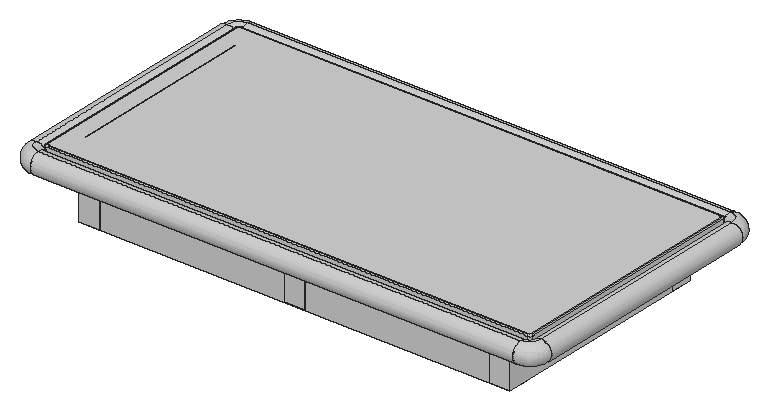
Revit family "MP", category Specialty Equipment, Revit 2012
Parameters (values of type "Metal Platform (Default)")
  Width = 2' - 0"
  URL = "http://madixinc.com/display/freestanding.html"
  Model = "Metal Platform"
  Manufacturer = "© 2012 Madix, Inc. All rights reserved."
  Length = 4' - 0"
  Kickplates [instance] = yes
  Bumper [instance] = yes
  Assembly Code = ""
Reference planes (in)
  plane 1 "Center (Front/Back)": y = 0
  plane 2: z = 0
  plane 3 "Center (Left/Right)": x = 0
  plane 4: y = -12
  plane 5: y = 12
  plane 6: x = -24
  plane 7: x = 24
  plane 8 "Top of Stand": z = 4
  plane 9 "Top of Shelf": z = 6.25
  plane 10: x = -21.232
  plane 11: x = 21.232
  plane 12: x = -23.88
  plane 13: x = 23.88
  plane 14: y = 11.88
  plane 15: y = -11.88
  plane 16: y = 11.029
  plane 17: y = -11.029
  plane 18: x = 1
  plane 19: x = -1
  plane 20: y = 1
  plane 21: y = -1
  plane 22: x = -10.116
  plane 23: x = -10.116
  plane 24: x = 10.116
  plane 25: y = 1
  plane 26: y = -1
  plane 27: x = 19.232
  plane 28: x = 21.232
  plane 29: y = 1
  plane 30: y = -1
  plane 31: y = 1
  plane 32: y = -1
Forms (in)
  Extrusion 1, solid, material "Metal - Steel"
    sketch origin (0, 0, 0) x (1, 0, 0) y (0, 1, 0)
      loop
        arc (-23.76, 11.88) -> (-23.84485, 11.84485) -> (-23.88, 11.76) r 0.12
        line (-23.88, 11.76) -> (-23.88, -11.76)
        arc (-23.88, -11.76) -> (-23.84485, -11.84485) -> (-23.76, -11.88) r 0.12
        line (-23.76, -11.88) -> (23.76, -11.88)
        arc (23.76, -11.88) -> (23.84485, -11.84485) -> (23.88, -11.76) r 0.12
        line (23.88, -11.76) -> (23.88, 11.76)
        arc (23.88, 11.76) -> (23.84485, 11.84485) -> (23.76, 11.88) r 0.12
        line (23.76, 11.88) -> (-23.76, 11.88)
    from 4 to 6.25
  Sweep 2, solid, material "Metal - Steel", visible <- "Kickplates"
    path in 3D
      loop
        arc (23.76, -11.88, 6.25) -> (23.84485, -11.84485, 6.25) -> (23.88, -11.76, 6.25) r 0.12
        line (23.88, -11.76, 6.25) -> (23.88, 11.76, 6.25)
        arc (23.88, 11.76, 6.25) -> (23.84485, 11.84485, 6.25) -> (23.76, 11.88, 6.25) r 0.12
        line (23.76, 11.88, 6.25) -> (-23.76, 11.88, 6.25)
        arc (-23.76, 11.88, 6.25) -> (-23.84485, 11.84485, 6.25) -> (-23.88, 11.76, 6.25) r 0.12
        line (-23.88, 11.76, 6.25) -> (-23.88, -11.76, 6.25)
        arc (-23.88, -11.76, 6.25) -> (-23.84485, -11.84485, 6.25) -> (-23.76, -11.88, 6.25) r 0.12
        line (-23.76, -11.88, 6.25) -> (23.76, -11.88, 6.25)
    profile origin (0, -11.88, 6.25) x (0, 1, 0) y (0, 0, 1)
      loop
        arc (-0.12, -2.13) -> (-0.08485, -2.21485) -> (0, -2.25) r 0.12
        line (0, -2.25) -> (0, 0)
        arc (0, 0) -> (-0.08485, -0.03515) -> (-0.12, -0.12) r 0.12
        line (-0.12, -0.12) -> (-0.12, -2.13)
  Extrusion 3, solid, material "Metal - Steel"
    sketch origin (0, 0, 0) x (1, 0, 0) y (0, 1, 0)
      loop
        line (-21.232, 11.029) -> (-21.232, 9.029) -> (-19.232, 9.029) -> (-19.232, 11.029) -> (-21.232, 11.029)
      loop
        line (-21.232, 1) -> (-21.232, -1) -> (-19.232, -1) -> (-19.232, 1) -> (-21.232, 1)
      loop
        line (-21.232, -11.029) -> (-19.232, -11.029) -> (-19.232, -9.029) -> (-21.232, -9.029) -> (-21.232, -11.029)
      loop
        line (1, 11.029) -> (-1, 11.029) -> (-1, 9.029) -> (1, 9.029) -> (1, 11.029)
      loop
        line (1, 1) -> (-1, 1) -> (-1, -1) -> (1, -1) -> (1, 1)
      loop
        line (1, -11.029) -> (1, -9.029) -> (-1, -9.029) -> (-1, -11.029) -> (1, -11.029)
      loop
        line (19.232, 11.029) -> (19.232, 9.029) -> (21.232, 9.029) -> (21.232, 11.029) -> (19.232, 11.029)
      loop
        line (19.232, 1) -> (19.232, -1) -> (21.232, -1) -> (21.232, 1) -> (19.232, 1)
      loop
        line (19.232, -11.029) -> (21.232, -11.029) -> (21.232, -9.029) -> (19.232, -9.029) -> (19.232, -11.029)
    from 0 to 4
  Sweep 4, solid, material "Metal - Steel", visible <- "Bumper"
    path in 3D
      loop
        arc (23.88, 11.76, 6.25) -> (23.84485, 11.84485, 6.25) -> (23.76, 11.88, 6.25) r 0.12
        line (23.76, 11.88, 6.25) -> (-23.76, 11.88, 6.25)
        arc (-23.76, 11.88, 6.25) -> (-23.84485, 11.84485, 6.25) -> (-23.88, 11.76, 6.25) r 0.12
        line (-23.88, 11.76, 6.25) -> (-23.88, -11.76, 6.25)
        arc (-23.88, -11.76, 6.25) -> (-23.84485, -11.84485, 6.25) -> (-23.76, -11.88, 6.25) r 0.12
        line (-23.76, -11.88, 6.25) -> (23.76, -11.88, 6.25)
        arc (23.76, -11.88, 6.25) -> (23.84485, -11.84485, 6.25) -> (23.88, -11.76, 6.25) r 0.12
        line (23.88, -11.76, 6.25) -> (23.88, 11.76, 6.25)
    profile origin (23.88, 0, 6.25) x (0, 0, -1) y (-1, 0, 0)
      loop
        circle (1.125, -1) r 1
  Extrusion 5, solid, material "Metal - Steel", visible <- "Kickplates"
    sketch origin (0, 0, 0) x (1, 0, 0) y (0, 1, 0)
      loop
        line (-21.232, 11.029) -> (-21.232, -11.029) -> (21.232, -11.029) -> (21.232, 11.029) -> (-21.232, 11.029)
    from 0 to 4
Cuts and joins
  joined: Sweep 2, Extrusion 5
Lines and regions (in)
  sketch lines
    curve 1: line (-23.76, -11.88, 6.25) -> (23.76, -11.88, 6.25)
    curve 2: arc (-23.76, -11.88, 6.25) -> (-23.84485, -11.84485, 6.25) -> (-23.88, -11.76, 6.25) r 0.12
    curve 3: arc (-23.88, 11.76, 6.25) -> (-23.84485, 11.84485, 6.25) -> (-23.76, 11.88, 6.25) r 0.12
    curve 4: line (23.76, 11.88, 6.25) -> (-23.76, 11.88, 6.25)
    curve 5: line (-23.88, 11.76, 6.25) -> (-23.88, -11.76, 6.25)
    curve 6: arc (23.76, 11.88, 6.25) -> (23.84485, 11.84485, 6.25) -> (23.88, 11.76, 6.25) r 0.12
    curve 7: line (23.88, -11.76, 6.25) -> (23.88, 11.76, 6.25)
    curve 8: arc (23.88, -11.76, 6.25) -> (23.84485, -11.84485, 6.25) -> (23.76, -11.88, 6.25) r 0.12
    curve 9: line (23.88, -11.76, 6.25) -> (23.88, 11.76, 6.25)
    curve 10: line (23.76, 11.88, 6.25) -> (-23.76, 11.88, 6.25)
    curve 11: arc (23.76, 11.88, 6.25) -> (23.84485, 11.84485, 6.25) -> (23.88, 11.76, 6.25) r 0.12
    curve 12: arc (23.76, -11.88, 6.25) -> (23.84485, -11.84485, 6.25) -> (23.88, -11.76, 6.25) r 0.12
    curve 13: line (-23.76, -11.88, 6.25) -> (23.76, -11.88, 6.25)
    curve 14: arc (-23.88, -11.76, 6.25) -> (-23.84485, -11.84485, 6.25) -> (-23.76, -11.88, 6.25) r 0.12
    curve 15: line (-23.88, 11.76, 6.25) -> (-23.88, -11.76, 6.25)
    curve 16: arc (-23.76, 11.88, 6.25) -> (-23.84485, 11.84485, 6.25) -> (-23.88, 11.76, 6.25) r 0.12
Dimensions and locks (in)
  equal spacing: plane 4, plane 1 "Center (Front/Back)", plane 5
  "Width": plane 4 to plane 5
  equal spacing: plane 6, plane 3 "Center (Left/Right)", plane 7
  "Length": plane 6 to plane 7
  locked: plane 11 to plane 10 at 42.464
  plane 7 to plane 6 = 4' - 0"
  plane 8 "Top of Stand" to level = 0' - 4"  (x2)
  plane 9 "Top of Shelf" to plane 8 "Top of Stand" = 0' - 2 1/4"  (x2)
  plane 4 to plane 5 = 2' - 0"
  plane 9 "Top of Shelf" to level = 0' - 6 1/4"  (x2)
  plane 10 to plane 11 = 3' - 6.464"
  locked: plane 16 to plane 5 at 0.971
  plane 17 to plane 4 = 0' - 0.971"
  aligned and locked: level to plane 2
  aligned and locked: Extrusion 3 sketch curve to plane 16
  aligned and locked: plane 10 to Extrusion 3 sketch curve
Automatic sketch dimensions
  Extrusion 1 sketch curve to plane 12 = 0' - 0"
  Extrusion 1 sketch curve to plane 13 = 0' - 0"
  plane 12 to Extrusion 1 sketch curve = 0' - 0.12"  (x2)
  plane 13 to Extrusion 1 sketch curve = 0' - 0.12"  (x2)
  plane 5 to Extrusion 1 sketch curve = 0' - 0.12"
  plane 4 to Extrusion 1 sketch curve = 0' - 0.12"
  Sweep 2 sketch curve to profile plane = 0' - 0"  (x2)
  Sweep 2 sketch curve to Sweep 2 sketch curve = 0' - 0.12"
  Sweep 2 sketch curve to Sweep 2 sketch curve = 0' - 2.01"
  Extrusion 3 sketch curve to plane 10 = 0' - 0"  (x2)
  Extrusion 3 sketch curve to plane 21 = 0' - 0"  (x3)
  plane 20 to Extrusion 3 sketch curve = 0' - 0"  (x3)
  Extrusion 3 sketch curve to plane 17 = 0' - 0"  (x3)
  Extrusion 3 sketch curve to plane 19 = 0' - 0"  (x3)
  Extrusion 3 sketch curve to plane 16 = 0' - 0"  (x2)
  Extrusion 3 sketch curve to plane 18 = 0' - 0"  (x3)
  Extrusion 3 sketch curve to plane 27 = 0' - 0"  (x3)
  Extrusion 3 sketch curve to plane 11 = 0' - 0"  (x3)
  Extrusion 3 sketch curve to Extrusion 3 sketch curve = 0' - 2"  (x5)
  plane 17 to Extrusion 3 sketch curve = 0' - 2"
  Extrusion 3 sketch curve to plane 16 = 0' - 2"  (x3)
  Sweep 4 sketch curve to profile plane = 0' - 1 1/8"
  Sweep 4 sketch curve to profile plane = 0' - 1"
  Extrusion 5 sketch curve to plane 10 = 0' - 0"
  Extrusion 5 sketch curve to plane 11 = 0' - 0"
  Extrusion 5 sketch curve to plane 17 = 0' - 0"
  Extrusion 5 sketch curve to plane 16 = 0' - 0"
  radius of Sweep 4 sketch curve = 0' - 1"
